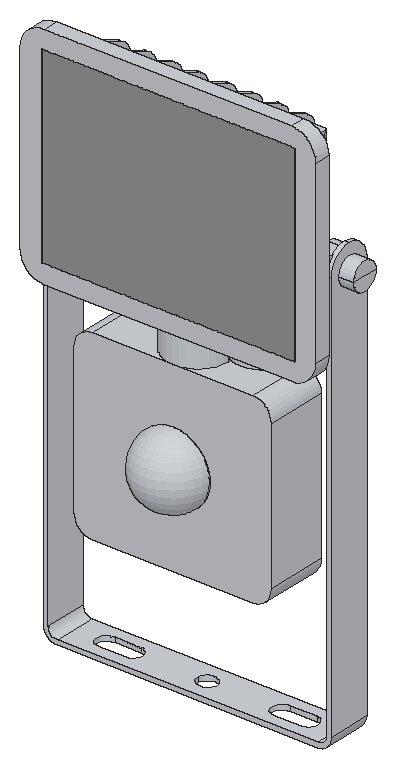
Revit family "SylFlood - 10W - PIR", category Lighting Fixtures, Revit 2017
Family settings
  Round Connector Dimension = Use Diameter
  Part Type = Normal
  OmniClass Number = 23.80.70.00
  OmniClass Title = Lighting
  Work Plane-Based = No
  Always vertical = Yes
  Cut with Voids When Loaded = No
  Light Source = Yes
  Shared = No
  Room Calculation Point = No
Parameters (values of type "0047115 SYLFLOOD IP54 PIR 1000LM 840 BLACK")
  Weight = "2.85 kg"
  Wattage = 10 W
  WarrantyStartDate [instance] = "n/a"
  WarrantyGuarantorParts = "n/a"
  WarrantyDurationUnit = "n/a"
  WarrantyDurationParts = "n/a"
  WarrantyDescription = "n/a"
  built-in parameter 1150110 = 1 (stored number, unit not read)
  Voltage = 0 V
  URL = "http://www.sylvania-lighting.com"
  TypeName = "SylFlood IP54 PIR 1000LM 840 Black"
  built-in parameter 1114217 = 1 (stored number, unit not read)
  Tilt Angle = 0.00°
  built-in parameter 1150109 = 1 (stored number, unit not read)
  built-in parameter 1150134 = 12
  built-in parameter 1150113 = 1 (stored number, unit not read)
  SerialNumber [instance] = "n/a"
  PowerFactor = 0.9
  PowerConsumption = "10.0 W"
  Photometric Web File = "0047115.ies"
  NominalWidth = 0 mm
  NominalLength = 190 mm
  NominalHeight = 52 mm
  Name = "SylFlood IP54 PIR 1000LM 840 Black"
  ModelReference = "SylFlood IP54 PIR 1000LM 840 Black"
  ModelNumber = "0047115"
  Model = "SylFlood IP54 PIR 1000LM 840 Black"
  Material_4_FEILO = none
  Material_3_FEILO = none
  Material_2_FEILO = Default New Material
  Material_1_FEILO = none
  Material = "n/a"
  ManufacturerName = "Feilo Sylvania"
  Manufacturer = "Feilo Sylvania"
  LuminousEfficacy = "100 lm/W"
  Lumens = 1000 lm
  LuminaireType = ""
  built-in parameter 1150115 = 1 (stored number, unit not read)
  built-in parameter 1150105 = -388800 (stored number, unit not read)
  LightOutputRatio = "n/a"
  built-in parameter 1150137 = (empty or 0)
  built-in parameter 1150139 = (empty or 0)
  LampsType = "LED"
  LampNominalLuminous = "1000 lm"
  LampMacAdamStep = "5"
  LampColourTemperature = "4000 K"
  LampColourRenderingIndex = "80"
  built-in parameter 1150112 = 1 (stored number, unit not read)
  built-in parameter 1150114 = 1 (stored number, unit not read)
  Lamp = "LED"
  LUM_WIDTH_SYL = if([0_18W_SYL], 57 mm, 48 mm)  # 48 mm
  LUM_HEIGHT_SYL = if([0_18W_SYL], 43 mm, 37 mm)  # 37 mm
  LUM_EXTR_ST_SYL = -5 mm
  LUM_EXTR_END_SYL = 0 mm
  LUM_DEPTH_SYL = 22 mm
  Keynote = "16500"
  InstallationDate [instance] = "n/a"
  InputVoltage = "n/a"
  InputNominalFrequency = "n/a"
  built-in parameter 1150132 = 2
  built-in parameter 1150102 = (empty or 0)
  built-in parameter 1150138 = (empty or 0)
  built-in parameter 1150107 = 4000 (stored number, unit not read)
  IngressProtection = "IP54"
  ImpactProtectionIndex = "IK06"
  built-in parameter 1150106 = -3888 (stored number, unit not read)
  IfcExportType = "IfcLightFixtureType"
  IfcExportAs = "IfcLightFixtureType"
  ElectricShockClassification = "Class I"
  built-in parameter 1150104 = 9.2903 (stored number, unit not read)
  DocumentationLiterature = "http://www.sylvania-lighting.com/product/en-int/products/0047115"
  DimmingControlOptions = "n/a"
  Dimming Lamp Color Temperature Shift = <None>
  DIF_WIDTH_SYL = if([0_18W_SYL], 49 mm, 41 mm)  # 41 mm
  DIF_HEIGHT_SYL = if([0_18W_SYL], 36 mm, 31 mm)  # 31 mm
  CreatedOn = "44168"
  CreatedBy = "@sylvania-lighting.com"
  Color Filter = 16777215
  ClassificationValue = "EF_70_80"
  ClassificationName = "Uniclass2015"
  CABLE_SIDE_DIST_SYL = 28.5 mm
  CABLE_LENGTH_SYL = 5 mm
  CABLE_FRONT_DIST_SYL = 14 mm
  CABLES_DIST_SYL = 39 mm
  BarCode [instance] = "n/a"
  built-in parameter 1114218 = 1 (stored number, unit not read)
  B_RAIL_R_DIST_SYL = 7 mm
  B_RAIL_HEIGHT_SYL = 21 mm
  B_RAIL_DEPTH_SYL = 44 mm
  B_RAIL_CHAMFER_SYL = 7 mm
  BRACKET_HOLDER_WIDTH_SYL = 12 mm
  BRACKET_HOLDER_HEIGHT_SYL = 15 mm
  BRACKET_HOLDER_DIST_SIDE_SYL = 2.8 mm
  BRACKET_HOLDER_DIST_BOTT_SYL = 22 mm
  BRACKET_HOLDER_DEPTH_SYL = 5.7 mm
  BOX_WIDTH_SYL = 36.5 mm
  BOX_TOP_DIST_SYL = 10.5 mm
  BOX_DEPTH_SYL = 13 mm
  BOX_BOTT_DIST_SYL = 28 mm
  BACK_RAIL_WIDTH_SYL = 1.4 mm
  BACK_RAIL_SIDE_DIST_SYL = 17.4 mm
  BACK_PL_EXTR_ST_SYL = -6 mm
  BACK_PL_EXTR_ST(-1)_SYL = BACK_PL_EXTR_ST_SYL * (-1)  # 6 mm
  BACK_PL_EXTR_END_SYL = -3 mm
  BACK_PL_EXTR_END(-1)_SYL = BACK_PL_EXTR_END_SYL * (-1)  # 3 mm
  built-in parameter 1150133 = 10 (stored number, unit not read)
  AssetType = "Fixed"
  AssetIdentifier [instance] = "n/a"
  Assembly Code = "D5020200"
  Apparent Load = 10 VA
  0_18W_SYL = no
Types (4, lengths in mm): name | TypeName | built-in parameter 1150134 | Photometric Web File | Name | ModelReference | ModelNumber | Model | LuminousEfficacy | Lumens | built-in parameter 1150105 | LampNominalLuminous | LampColourTemperature | built-in parameter 1150107 | built-in parameter 1150106 | built-in parameter 1150104 | DocumentationLiterature
  0047117 SYLFLOOD IP54 PIR 1000LM 840 WHITE | "SylFlood IP54 PIR 1000LM 840 White" | 12 | "0047117.ies" | "SylFlood IP54 PIR 1000LM 840 White" | "SylFlood IP54 PIR 1000LM 840 White" | "0047117" | "SylFlood IP54 PIR 1000LM 840 White" | "100 lm/W" | 1000 lm | -388800 (stored number, unit not read) | "1000 lm" | "4000 K" | 4000 (stored number, unit not read) | -3888 (stored number, unit not read) | 9.2903 (stored number, unit not read) | "http://www.sylvania-lighting.com/product/en-int/products/0047117"
  0047116 SYLFLOOD IP54 PIR 950LM 830 WHITE | "SylFlood IP54 PIR 950LM 830 White" | (empty or 0) | "0047116.ies" | "SylFlood IP54 PIR 950LM 830 White" | "SylFlood IP54 PIR 950LM 830 White" | "0047116" | "SylFlood IP54 PIR 950LM 830 White" | "95 lm/W" | 950 lm | -350892 (stored number, unit not read) | "950 lm" | "3000 K" | 3000 (stored number, unit not read) | -3508.9 (stored number, unit not read) | 8.8258 (stored number, unit not read) | "http://www.sylvania-lighting.com/product/en-int/products/0047116"
  0047115 SYLFLOOD IP54 PIR 1000LM 840 BLACK | "SylFlood IP54 PIR 1000LM 840 Black" | 12 | "0047115.ies" | "SylFlood IP54 PIR 1000LM 840 Black" | "SylFlood IP54 PIR 1000LM 840 Black" | "0047115" | "SylFlood IP54 PIR 1000LM 840 Black" | "100 lm/W" | 1000 lm | -388800 (stored number, unit not read) | "1000 lm" | "4000 K" | 4000 (stored number, unit not read) | -3888 (stored number, unit not read) | 9.2903 (stored number, unit not read) | "http://www.sylvania-lighting.com/product/en-int/products/0047115"
  0047114 SYLFLOOD IP54 PIR 950LM 830 BLACK | "SylFlood IP54 PIR 950LM 830 Black" | (empty or 0) | "0047114.ies" | "SylFlood IP54 PIR 950LM 830 Black" | "SylFlood IP54 PIR 950LM 830 Black" | "0047114" | "SylFlood IP54 PIR 950LM 830 Black" | "95 lm/W" | 950 lm | -350892 (stored number, unit not read) | "950 lm" | "3000 K" | 3000 (stored number, unit not read) | -3508.9 (stored number, unit not read) | 8.8258 (stored number, unit not read) | "http://www.sylvania-lighting.com/product/en-int/products/0047114"
Reference planes
  plane 1 "Light Source Axis (F/B)": y = 0
  plane 2: z = 0
  plane 3 "Light Source Axis (L/R)": x = 0
  plane 4 "Light Source Elevation": z = -0.469
  plane 5: x = 48
  plane 6: x = -48
  plane 7: z = 37
  plane 8: z = -37
  plane 9: x = 41
  plane 10: x = -41
  plane 11: z = 31
  plane 12: z = -31
  plane 13: y = 6
  plane 14: y = 3
  plane 15: x = -36.5
  plane 16: x = 36.5
  plane 17: y = 19
  plane 18: z = 26.5
  plane 19: z = -9
  plane 20: y = 22
  plane 21: z = -15
  plane 22: z = -3
  plane 23: y = 21
  plane 24: x = 45.2
  plane 25: x = 39.5
  plane 26: x = 19.5
  plane 27: x = -19.5
  plane 28: y = 14
  plane 29: z = -42
  plane 30: y = 21
  plane 31: z = 35
  plane 32: z = 28
  plane 33: x = 30.6
  plane 34: x = 29.2
  plane 35: x = 22.2
  plane 36: x = 20.8
  plane 37: x = 13.8
  plane 38: x = 12.4
  plane 39: x = 5.4
  plane 40: x = 4
Forms (mm)
  Extrusion 1, solid
    sketch origin (0, 0, 0) x (1, 0, 0) y (0, 0, 1)
      loop
        arc (-40, 37) -> (-45.657, 34.657) -> (-48, 29) r 8
        line (-48, 29) -> (-48, -29)
        arc (-48, -29) -> (-45.657, -34.657) -> (-40, -37) r 8
        line (-40, -37) -> (40, -37)
        arc (40, -37) -> (45.657, -34.657) -> (48, -29) r 8
        line (48, -29) -> (48, 29)
        arc (48, 29) -> (45.657, 34.657) -> (40, 37) r 8
        line (40, 37) -> (-40, 37)
      loop
        line (-41, 31) -> (-41, -31) -> (41, -31) -> (41, 31) -> (-41, 31)
    from -5 <- "LUM_EXTR_ST_SYL" to 0 <- "LUM_EXTR_END_SYL"
  Extrusion 2, solid, material "Default New Material" <- "Material_2_FEILO"
    sketch origin (0, 0, 0) x (1, 0, 0) y (0, 0, 1)
      loop
        line (-41, 31) -> (-41, -31) -> (41, -31) -> (41, 31) -> (-41, 31)
    from -3 <- "BACK_PL_EXTR_END_SYL" to 0 <- "LUM_EXTR_END_SYL"
  Extrusion 3, solid
    sketch origin (0, 0, 0) x (1, 0, 0) y (0, 0, 1)
      loop
        line (41, 31) -> (-41, 31) -> (-41, -31) -> (41, -31) -> (41, 31)
    from -6 <- "BACK_PL_EXTR_ST_SYL" to -3 <- "BACK_PL_EXTR_END_SYL"
  Extrusion 4, solid
    sketch origin (0, 0, 0) x (1, 0, 0) y (0, 1, 0)
      loop
        arc (-35.5, 19) -> (-36.207, 18.707) -> (-36.5, 18) r 1
        line (-36.5, 18) -> (-36.5, 6) -> (36.5, 6) -> (36.5, 18)
        arc (36.5, 18) -> (36.207, 18.707) -> (35.5, 19) r 1
        line (35.5, 19) -> (-35.5, 19)
    from -9 to 26.5
  Extrusion 5, solid
    sketch origin (0, 0, 0) x (1, 0, 0) y (0, 1, 0)
      loop
        arc (-28.5, 22) -> (-34.157, 19.657) -> (-36.5, 14) r 8
        line (-36.5, 14) -> (-36.5, 6) -> (36.5, 6) -> (36.5, 14)
        arc (36.5, 14) -> (34.157, 19.657) -> (28.5, 22) r 8
        line (28.5, 22) -> (-28.5, 22)
    from -31 to -9
  Extrusion 6, solid
    sketch origin (0, 0, 0) x (0, 1, 0) y (0, 0, 1)
      loop
        line (6, -3) -> (6, -15) -> (15, -15)
        arc (15, -15) -> (19.243, -13.243) -> (21, -9) r 6
        arc (21, -9) -> (19.243, -4.757) -> (15, -3) r 6
        line (15, -3) -> (6, -3)
      loop
        circle (15, -9) r 2.5
    from 39.5 to 45.2
  Extrusion 7, solid
    sketch origin (0, 0, 0) x (0, 1, 0) y (0, 0, -1)
      loop
        line (6, 3) -> (15, 3)
        arc (15, 3) -> (19.243, 4.757) -> (21, 9) r 6
        arc (21, 9) -> (19.243, 13.243) -> (15, 15) r 6
        line (15, 15) -> (6, 15) -> (6, 3)
      loop
        circle (15, 9) r 2.5
    from 39.5 to 45.2
  Extrusion 8, solid
    sketch origin (0, 0, 0) x (1, 0, 0) y (0, 1, 0)
      loop
        circle (-19.5, 14) r 7
      loop
        circle (19.5, 14) r 9
    from -42 to -31
  Extrusion 9, solid
    sketch origin (0, 0, 0) x (0, 1, 0) y (0, 0, 1)
      loop
        line (5, -9) -> (21, -9) -> (21, 24.73)
        arc (21, 24.73) -> (20.185, 27.467) -> (18.004, 29.311) r 5
        line (18.004, 29.311) -> (5, 35) -> (5, 28) -> (5, -9)
    from 29.2 to 30.6
  Extrusion 10, solid
    sketch origin (-1.583, 0.014, 0) x (0, 1, 0) y (0, 0, 1)
      loop
        line (5, -9) -> (21, -9) -> (21, 24.73)
        arc (21, 24.73) -> (20.185, 27.467) -> (18.004, 29.311) r 5
        line (18.004, 29.311) -> (5, 35) -> (5, 28) -> (5, -9)
    from 22.383 to 23.783
  Extrusion 11, solid
    sketch origin (-1.583, 0.014, 0) x (0, 1, 0) y (0, 0, 1)
      loop
        line (5, -9) -> (21, -9) -> (21, 24.73)
        arc (21, 24.73) -> (20.185, 27.467) -> (18.004, 29.311) r 5
        line (18.004, 29.311) -> (5, 35) -> (5, 28) -> (5, -9)
    from 5.583 to 6.983
  Extrusion 12, solid
    sketch origin (-1.583, 0.014, 0) x (0, 1, 0) y (0, 0, 1)
      loop
        line (5, -9) -> (21, -9) -> (21, 24.73)
        arc (21, 24.73) -> (20.185, 27.467) -> (18.004, 29.311) r 5
        line (18.004, 29.311) -> (5, 35) -> (5, 28) -> (5, -9)
    from 13.983 to 15.383
  Extrusion 13, solid
    sketch origin (0, 0, 0) x (0, 1, 0) y (0, 0, -1)
      loop
        line (5, 9) -> (5, -28) -> (5, -35) -> (18.004, -29.311)
        arc (18.004, -29.311) -> (20.185, -27.467) -> (21, -24.73) r 5
        line (21, -24.73) -> (21, 9) -> (5, 9)
    from 29.2 to 30.6
  Extrusion 14, solid
    sketch origin (1.583, 0.014, 0) x (0, 1, 0) y (0, 0, -1)
      loop
        line (5, 9) -> (5, -28) -> (5, -35) -> (18.004, -29.311)
        arc (18.004, -29.311) -> (20.185, -27.467) -> (21, -24.73) r 5
        line (21, -24.73) -> (21, 9) -> (5, 9)
    from 22.383 to 23.783
  Extrusion 15, solid
    sketch origin (1.583, 0.014, 0) x (0, 1, 0) y (0, 0, -1)
      loop
        line (5, 9) -> (5, -28) -> (5, -35) -> (18.004, -29.311)
        arc (18.004, -29.311) -> (20.185, -27.467) -> (21, -24.73) r 5
        line (21, -24.73) -> (21, 9) -> (5, 9)
    from 13.983 to 15.383
  Extrusion 16, solid
    sketch origin (1.583, 0.014, 0) x (0, 1, 0) y (0, 0, -1)
      loop
        line (5, 9) -> (5, -28) -> (5, -35) -> (18.004, -29.311)
        arc (18.004, -29.311) -> (20.185, -27.467) -> (21, -24.73) r 5
        line (21, -24.73) -> (21, 9) -> (5, 9)
    from 5.583 to 6.983
Cuts and joins
  joined: Extrusion 1, Extrusion 3, Extrusion 4, Extrusion 5
Dimensions and locks
  "LUM_WIDTH_SYL": plane 5 to plane 3 "Light Source Axis (L/R)" to plane 6
  "LUM_HEIGHT_SYL": plane 7 to plane 2 to plane 8
  "DIF_WIDTH_SYL": plane 9 to plane 3 "Light Source Axis (L/R)" to plane 10
  "DIF_HEIGHT_SYL": plane 11 to plane 2 to plane 12
  "BACK_PL_EXTR_ST(-1)_SYL": plane 1 "Light Source Axis (F/B)" to plane 13
  "BACK_PL_EXTR_END(-1)_SYL": plane 1 "Light Source Axis (F/B)" to plane 14
  "BOX_WIDTH_SYL": plane 15 to plane 3 "Light Source Axis (L/R)" to plane 16
  "BOX_DEPTH_SYL": plane 13 to plane 17
  "BOX_TOP_DIST_SYL": plane 18 to plane 7
  "BOX_BOTT_DIST_SYL": plane 8 to plane 19
  "LUM_DEPTH_SYL": plane 1 "Light Source Axis (F/B)" to plane 20
  "BRACKET_HOLDER_DIST_BOTT_SYL": plane 21 to plane 8
  "BRACKET_HOLDER_WIDTH_SYL": plane 22 to plane 21
  "BRACKET_HOLDER_HEIGHT_SYL": cut or joined group of Extrusion 1, Extrusion 3, Extrusion 4, Extrusion 5 to plane 23
  "BRACKET_HOLDER_DIST_SIDE_SYL": cut or joined group of Extrusion 1, Extrusion 3, Extrusion 4, Extrusion 5 to plane 24
  "BRACKET_HOLDER_DEPTH_SYL": plane 25 to plane 24
  "CABLES_DIST_SYL": plane 27 to plane 26
  "CABLE_SIDE_DIST_SYL": plane 26 to plane 5
  "CABLE_FRONT_DIST_SYL": cut or joined group of Extrusion 1, Extrusion 3, Extrusion 4, Extrusion 5 to plane 28
  "CABLE_LENGTH_SYL": plane 29 to cut or joined group of Extrusion 1, Extrusion 3, Extrusion 4, Extrusion 5
  "B_RAIL_HEIGHT_SYL": plane 30 to plane 1 "Light Source Axis (F/B)"
  "B_RAIL_DEPTH_SYL": plane 31 to plane 19
  "B_RAIL_CHAMFER_SYL": plane 31 to plane 32
  "BACK_RAIL_SIDE_DIST_SYL": plane 5 to plane 33
  "BACK_RAIL_WIDTH_SYL": plane 33 to plane 34
  "B_RAIL_R_DIST_SYL": plane 34 to plane 35
  "B_RAIL_R_DIST_SYL": plane 36 to plane 37
  "BACK_RAIL_WIDTH_SYL": plane 37 to plane 38
  "BACK_RAIL_WIDTH_SYL": plane 39 to plane 40
  "B_RAIL_R_DIST_SYL": plane 38 to plane 39
  aligned and locked: plane 4 "Light Source Elevation" to imposter light
  aligned and locked: level to plane 2
  aligned and locked: Extrusion 1 sketch curve to plane 7
  aligned and locked: plane 6 to Extrusion 1 sketch curve
  aligned and locked: plane 8 to Extrusion 1 sketch curve
  aligned and locked: Extrusion 1 sketch curve to plane 5
  aligned and locked: Extrusion 1 sketch curve to plane 11
  aligned and locked: plane 10 to Extrusion 1 sketch curve
  aligned and locked: plane 12 to Extrusion 1 sketch curve
  aligned and locked: Extrusion 1 sketch curve to plane 9
  aligned and locked: Extrusion 2 sketch curve to Extrusion 1  (x4)
  aligned and locked: Extrusion 3 sketch curve to Extrusion 1  (x4)
  aligned and locked: Extrusion 3 to Extrusion 2
  aligned and locked: plane 17 to Extrusion 4 sketch curve
  aligned and locked: plane 15 to Extrusion 4 sketch curve
  aligned and locked: Extrusion 4 sketch curve to plane 13
  aligned and locked: Extrusion 4 sketch curve to plane 16
  aligned and locked: plane 18 to Extrusion 4
  aligned and locked: Extrusion 4 to plane 19
  aligned and locked: plane 20 to Extrusion 5 sketch curve
  aligned and locked: plane 15 to Extrusion 5 sketch curve
  aligned and locked: cut or joined group of Extrusion 1, Extrusion 3, Extrusion 4, Extrusion 5 to Extrusion 5 sketch curve
  aligned and locked: Extrusion 5 sketch curve to cut or joined group of Extrusion 1, Extrusion 3, Extrusion 4, Extrusion 5
  aligned and locked: plane 19 to Extrusion 5
  aligned and locked: Extrusion 5 to plane 12
  aligned and locked: Extrusion 6 sketch curve to plane 22
  aligned and locked: Extrusion 6 sketch curve to plane 13
  aligned and locked: plane 21 to Extrusion 6 sketch curve
  aligned and locked: plane 25 to Extrusion 6
  aligned and locked: Extrusion 6 to plane 24
  aligned and locked: Extrusion 8 to Extrusion 2
  aligned and locked: Extrusion 8 to plane 29
  aligned and locked: cut or joined group of Extrusion 1, Extrusion 3, Extrusion 4, Extrusion 5 to Extrusion 9 sketch curve
  aligned and locked: Extrusion 9 sketch curve to Extrusion 6  (x2)
  aligned and locked: plane 33 to Extrusion 9
  aligned and locked: Extrusion 9 to plane 34
  aligned and locked: plane 35 to Extrusion 10
  aligned and locked: Extrusion 10 to plane 36
  aligned and locked: Extrusion 11 to plane 40
  aligned and locked: plane 39 to Extrusion 11
  aligned and locked: Extrusion 12 to plane 38
  aligned and locked: plane 37 to Extrusion 12
Automatic sketch dimensions
  plane 10 to Extrusion 1 sketch curve = 1 mm  (x2)
  Extrusion 1 sketch curve to plane 25 = 0.5 mm  (x2)
  plane 15 to Extrusion 4 sketch curve = 1 mm
  Extrusion 4 sketch curve to plane 16 = 1 mm
  Extrusion 5 sketch curve to plane 15 = 0 mm
  Extrusion 5 sketch curve to plane 28 = 0 mm  (x2)
  Extrusion 6 sketch curve to Extrusion 6 sketch curve = 0 mm  (x5)
  Extrusion 6 sketch curve to plane 23 = 0 mm
  Extrusion 7 sketch curve to Extrusion 7 sketch curve = 0 mm  (x6)
  Extrusion 7 sketch curve to plane 13 = 0 mm
  Extrusion 7 sketch curve to plane 21 = 0 mm
  Extrusion 7 sketch curve to plane 22 = 0 mm
  Extrusion 7 sketch curve to plane 23 = 0 mm
  Extrusion 8 sketch curve to plane 27 = 0 mm
  Extrusion 8 sketch curve to plane 26 = 0 mm
  Extrusion 8 sketch curve to plane 28 = 0 mm  (x2)
  Extrusion 9 sketch curve to plane 32 = 0 mm
  Extrusion 9 sketch curve to plane 31 = 0 mm
  plane 28 to Extrusion 9 sketch curve = 2 mm
  plane 17 to Extrusion 9 sketch curve = 0.996 mm
  plane 19 to Extrusion 10 sketch curve = 0 mm
  plane 13 to Extrusion 10 sketch curve = 0.986 mm
  plane 28 to Extrusion 10 sketch curve = 2.014 mm
  plane 17 to Extrusion 10 sketch curve = 0.982 mm
  Extrusion 10 sketch curve to plane 23 = 0.014 mm
  Extrusion 10 sketch curve to plane 18 = 1.77 mm
  plane 32 to Extrusion 10 sketch curve = 0 mm
  plane 19 to Extrusion 11 sketch curve = 0 mm
  plane 13 to Extrusion 11 sketch curve = 0.986 mm
  plane 28 to Extrusion 11 sketch curve = 2.014 mm
  plane 17 to Extrusion 11 sketch curve = 0.982 mm
  Extrusion 11 sketch curve to plane 23 = 0.014 mm
  Extrusion 11 sketch curve to plane 18 = 1.77 mm
  plane 32 to Extrusion 11 sketch curve = 0 mm
  plane 19 to Extrusion 12 sketch curve = 0 mm
  plane 13 to Extrusion 12 sketch curve = 0.986 mm
  plane 28 to Extrusion 12 sketch curve = 2.014 mm
  plane 17 to Extrusion 12 sketch curve = 0.982 mm
  Extrusion 12 sketch curve to plane 23 = 0.014 mm
  Extrusion 12 sketch curve to plane 18 = 1.77 mm
  plane 32 to Extrusion 12 sketch curve = 0 mm
  Extrusion 13 sketch curve to plane 19 = 0 mm
  Extrusion 13 sketch curve to plane 32 = 0 mm
  Extrusion 13 sketch curve to plane 31 = 0 mm
  Extrusion 13 sketch curve to plane 23 = 0 mm
  plane 17 to Extrusion 13 sketch curve = 0.996 mm
  Extrusion 13 sketch curve to plane 18 = 1.77 mm
  Extrusion 13 sketch curve to Extrusion 13 sketch curve = 2.004 mm
  plane 19 to Extrusion 14 sketch curve = 0 mm
  plane 13 to Extrusion 14 sketch curve = 0.986 mm
  plane 28 to Extrusion 14 sketch curve = 2.014 mm
  plane 17 to Extrusion 14 sketch curve = 0.982 mm
  Extrusion 14 sketch curve to plane 23 = 0.014 mm
  Extrusion 14 sketch curve to plane 18 = 1.77 mm
  plane 32 to Extrusion 14 sketch curve = 0 mm
  plane 19 to Extrusion 15 sketch curve = 0 mm
  plane 13 to Extrusion 15 sketch curve = 0.986 mm
  plane 28 to Extrusion 15 sketch curve = 2.014 mm
  plane 17 to Extrusion 15 sketch curve = 0.982 mm
  Extrusion 15 sketch curve to plane 23 = 0.014 mm
  Extrusion 15 sketch curve to plane 18 = 1.77 mm
  plane 32 to Extrusion 15 sketch curve = 0 mm
  plane 19 to Extrusion 16 sketch curve = 0 mm
  plane 13 to Extrusion 16 sketch curve = 0.986 mm
  plane 28 to Extrusion 16 sketch curve = 2.014 mm
  plane 17 to Extrusion 16 sketch curve = 0.982 mm
  Extrusion 16 sketch curve to plane 23 = 0.014 mm
  Extrusion 16 sketch curve to plane 18 = 1.77 mm
  plane 32 to Extrusion 16 sketch curve = 0 mm
  radius of Extrusion 6 sketch curve = 2.5 mm
  radius of Extrusion 7 sketch curve = 2.5 mm
  radius of Extrusion 8 sketch curve = 7 mm
  radius of Extrusion 8 sketch curve = 9 mm
Nested families
  nested 1: "START Flood Flat - 9W_bracket - PIR" at (0.801, 14.938, -108.511), type "START Flood Flat - 9W_bracket - PIR"
  nested 2: "bolt" at (46.701, 14.996, -8.984), type "bolt"
  nested 3: "bolt" at (-46.699, 15.001, -8.984) x (-1, 0, 0) z (0, 0, 1), type "bolt"
  nested 4: "PIR" at (0, 1.945, -77.05) x (-1, 0, 0) z (0, 0, 1), type "PIR"
Definition of nested family "START Flood Flat - 9W_bracket - PIR"
  Parameters (values of type "START Flood Flat - 9W_bracket - PIR")
    WIDTH_SYL = 93.4 mm
    THICKNESS_SYL = 1.5 mm
    Material_4_SYL = none
    Material_3_SYL = none
    Material_2_SYL = none
    Material_1_SYL = none
    HOLE_DIST_SYL = 8.5 mm
    HOLE2_DIST_SYL = 8 mm
    HEIGHT_SYL = 145 mm
    FILLET_SYL = 7 mm
    DEPTH_2_SYL = -7 mm
    DEPTH_1_SYL = 7 mm
    CUTOUT_DIST_SYL = 24.2 mm
  Reference planes
    plane 1 "Center (Front/Back)": y = 0
    plane 2: z = 0
    plane 3 "Center (Left/Right)": x = 0
    plane 4: x = -47.5
    plane 5: x = 45.9
    plane 6: z = -37.5
    plane 7: z = 107.5
    plane 8: x = -46
    plane 9: z = -36
    plane 10: x = 44.4
    plane 11: z = 99.5
    plane 12: z = 100.5
    plane 13: x = 24.2
    plane 14: x = -24.2
    plane 15: x = 32.7
    plane 16: x = -32.7
  Forms (mm)
    Extrusion 1, solid
      sketch origin (0, 0, 0) x (1, 0, 0) y (0, 0, 1)
        loop
          arc (-47.5, -33) -> (-46.182, -36.182) -> (-43, -37.5) r 4.5
          line (-43, -37.5) -> (41.4, -37.5)
          arc (41.4, -37.5) -> (44.582, -36.182) -> (45.9, -33) r 4.5
          line (45.9, -33) -> (45.9, 107.5) -> (44.4, 107.5) -> (44.4, -33)
          arc (44.4, -33) -> (43.521, -35.121) -> (41.4, -36) r 3
          line (41.4, -36) -> (-43, -36)
          arc (-43, -36) -> (-45.121, -35.121) -> (-46, -33) r 3
          line (-46, -33) -> (-46, 107.5) -> (-47.5, 107.5) -> (-47.5, -33)
      from -7 <- "DEPTH_2_SYL" to 7 <- "DEPTH_1_SYL"
    Extrusion 2, void
      sketch origin (0, 0, 0) x (0, 1, 0) y (0, 0, 1)
        loop
          circle (0, 99.5) r 3.15
      from -47.5 to 45.9
    Extrusion 3, void
      sketch origin (0, 0, 0) x (0, 1, 0) y (0, 0, 1)
        loop
          line (7, 100.5) -> (14.83, 113.08) -> (-15.17, 113.08) -> (-7, 100.5)
          arc (-7, 100.5) -> (-4.95, 105.45) -> (0, 107.5) r 7
          arc (0, 107.5) -> (4.95, 105.45) -> (7, 100.5) r 7
      from -47.5 to 45.9
    Extrusion 4, void
      sketch origin (0, 0, 0) x (1, 0, 0) y (0, 1, 0)
        loop
          circle (0, 0) r 3.25
        loop
          arc (-32.7, 3.25) -> (-35.95, 0) -> (-32.7, -3.25) r 3.25
          line (-32.7, -3.25) -> (-24.2, -3.25)
          arc (-24.2, -3.25) -> (-20.95, 0) -> (-24.2, 3.25) r 3.25
          line (-24.2, 3.25) -> (-32.7, 3.25)
        loop
          line (24.2, -3.25) -> (32.7, -3.25)
          arc (32.7, -3.25) -> (35.95, 0) -> (32.7, 3.25) r 3.25
          line (32.7, 3.25) -> (24.2, 3.25)
          arc (24.2, 3.25) -> (20.95, 0) -> (24.2, -3.25) r 3.25
      from -54.767 to -28.006
  Cuts and joins
    Extrusion 2, Extrusion 3, Extrusion 4 cuts Extrusion 1
  Dimensions and locks
    "THICKNESS_SYL": plane 8 to plane 4
    "THICKNESS_SYL": plane 5 to plane 10
    "WIDTH_SYL": plane 5 to plane 4
    "HEIGHT_SYL": plane 7 to plane 6
    "FILLET_SYL": plane 7 to plane 12
    "CUTOUT_DIST_SYL": plane 14 to plane 3 "Center (Left/Right)" to plane 13
    "HOLE_DIST_SYL": plane 16 to plane 14
    "HOLE_DIST_SYL": plane 13 to plane 15
    "HOLE2_DIST_SYL": plane 7 to plane 11
    aligned and locked: level to plane 2
    aligned and locked: plane 4 to Extrusion 1 sketch curve
    aligned and locked: plane 6 to Extrusion 1 sketch curve
    aligned and locked: Extrusion 1 sketch curve to plane 5
    aligned and locked: plane 8 to Extrusion 1 sketch curve
    aligned and locked: plane 9 to Extrusion 1 sketch curve
    aligned and locked: Extrusion 1 sketch curve to plane 10
    aligned and locked: plane 7 to Extrusion 1 sketch curve  (x2)
    aligned and locked: Extrusion 1 to Extrusion 2  (x2)
    aligned and locked: Extrusion 1 to Extrusion 3
    aligned and locked: Extrusion 3 to Extrusion 1
  Automatic sketch dimensions
    Extrusion 1 sketch curve to Extrusion 1 sketch curve = 0 mm
    plane 8 to Extrusion 1 sketch curve = 3 mm
    Extrusion 1 sketch curve to plane 10 = 3 mm
    Extrusion 1 sketch curve to Extrusion 1 sketch curve = 3 mm
    Extrusion 2 sketch curve to plane 1 "Center (Front/Back)" = 0 mm
    Extrusion 2 sketch curve to plane 11 = 0 mm
    Extrusion 3 sketch curve to Extrusion 3 sketch curve = 0 mm
    Extrusion 3 sketch curve to plane 12 = 0 mm
    Extrusion 3 sketch curve to plane 1 "Center (Front/Back)" = 0 mm
    Extrusion 3 sketch curve to plane 7 = 0 mm
    Extrusion 3 sketch curve to Extrusion 3 sketch curve = 8.17 mm
    plane 7 to Extrusion 3 sketch curve = 5.58 mm
    Extrusion 3 sketch curve to Extrusion 3 sketch curve = 7.83 mm
    plane 1 "Center (Front/Back)" to Extrusion 4 sketch curve = 0 mm  (x3)
    Extrusion 4 sketch curve to plane 16 = 0 mm
    Extrusion 4 sketch curve to plane 14 = 0 mm
    Extrusion 4 sketch curve to plane 3 "Center (Left/Right)" = 0 mm
    Extrusion 4 sketch curve to plane 13 = 0 mm
    Extrusion 4 sketch curve to plane 15 = 0 mm
    plane 1 "Center (Front/Back)" to Extrusion 4 sketch curve = 3.25 mm  (x2)
    radius of Extrusion 2 sketch curve = 3.15 mm
    radius of Extrusion 4 sketch curve = 3.25 mm
Definition of nested family "bolt"
  Parameters (values of type "bolt")
    Material_4_SYL = none
    Material_3_SYL = none
    Material_2_SYL = none
    Material_1_SYL = none
  Reference planes
    plane 1 "Center (Front/Back)": y = 0
    plane 2: z = 0
    plane 3 "Center (Left/Right)": x = 0
    plane 4: x = 5
    plane 5: x = -10
    plane 6: y = 2.5
    plane 7: y = -2.5
    plane 8: y = 4.5
    plane 9: y = -4.5
  Forms (mm)
    Revolve 1, solid
      sketch origin (0, 0, 0) x (1, 0, 0) y (0, 1, 0)
        loop
          line (5, 0) -> (-10, 0) -> (-10, -2.5) -> (0, -2.5) -> (0, -4.5) -> (5, -4.5) -> (5, 0)
        axis (5, 0) -> (-10, 0)
      angle from 0 to 360
  Dimensions and locks
    aligned and locked: level to plane 2
Definition of nested family "PIR"
  Parameters (values of type "PIR")
    Material_4_SYL = none
    Material_3_SYL = none
    Material_2_SYL = none
    Material_1_SYL = none
  Reference planes
    plane 1 "Center (Front/Back)": y = 0
    plane 2: z = 0
    plane 3 "Center (Left/Right)": x = 0
    plane 4: z = -30
    plane 5: z = 30
    plane 6: x = 32
    plane 7: x = -32
    plane 8: x = 12
    plane 9: z = 12
    plane 10: z = -12
    plane 11: z = 46
    plane 12: x = 10
    plane 13: y = -10
  Forms (mm)
    Extrusion 1, solid
      sketch origin (0, 0, 0) x (1, 0, 0) y (0, 0, 1)
        loop
          arc (-26, 30) -> (-30.243, 28.243) -> (-32, 24) r 6
          line (-32, 24) -> (-32, -24)
          arc (-32, -24) -> (-30.243, -28.243) -> (-26, -30) r 6
          line (-26, -30) -> (26, -30)
          arc (26, -30) -> (30.243, -28.243) -> (32, -24) r 6
          line (32, -24) -> (32, 24)
          arc (32, 24) -> (30.243, 28.243) -> (26, 30) r 6
          line (26, 30) -> (-26, 30)
      from 0 to 20
    Revolve 2, solid
      sketch origin (0, 0, 0) x (1, 0, 0) y (0, 0, 1)
        loop
          line (0, 12) -> (0, -12)
          arc (0, -12) -> (12, 0) -> (0, 12) r 12
        axis (0, 12) -> (0, -12)
      angle from 0 to 360
    Extrusion 3, solid
      sketch origin (0, 0, 0) x (1, 0, 0) y (0, 1, 0)
        loop
          circle (0, -10) r 10
      from 30 to 46
  Dimensions and locks
    aligned and locked: level to plane 2
    aligned and locked: Extrusion 1 sketch curve to plane 5
    aligned and locked: plane 7 to Extrusion 1 sketch curve
    aligned and locked: plane 4 to Extrusion 1 sketch curve
    aligned and locked: Extrusion 1 sketch curve to plane 6
    aligned and locked: plane 3 "Center (Left/Right)" to Revolve 2 sketch curve
    aligned and locked: plane 10 to Revolve 2 sketch curve
    aligned and locked: Revolve 2 sketch curve to plane 3 "Center (Left/Right)"
    aligned and locked: plane 11 to Extrusion 3
    aligned and locked: Extrusion 3 to plane 5
